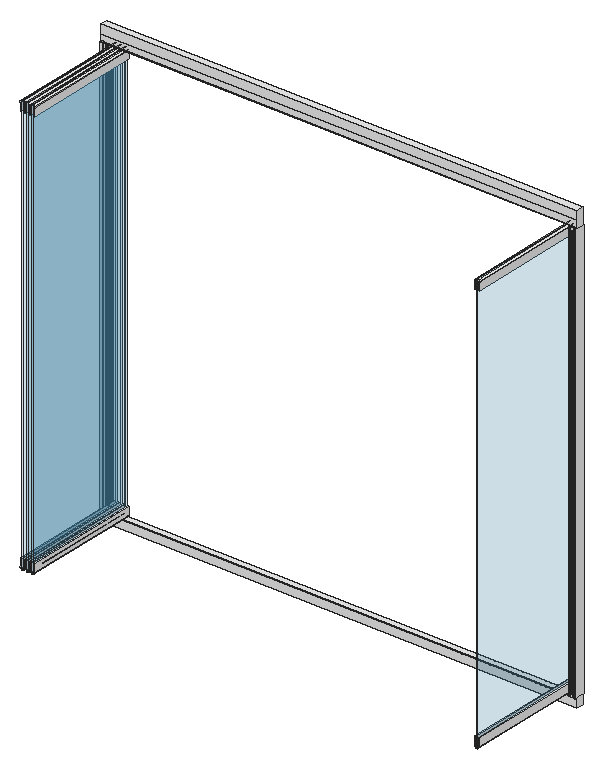
Revit family "98127", category Windows, host Wall, Revit 2018 (continued)
Definition of nested family "Sill_SL-25"
  Definition of nested family "Detail Item_Sill_SL-25"
    Lines and regions (in)
      model lines, in view "Ref. Level"
        curve 108: line (0.17794, 3.63999, 0) -> (0.17424, 3.62082, 0)
        curve 109: line (0.22645, 3.51815, 0) -> (0.22387, 3.51152, 0)
        curve 110: arc (0.46371, 0.85887, 0) -> (0.37817, 0.82344, 0) -> (0.34274, 0.7379, 0) r 0.12097
        curve 111: arc (0.53726, 0.85887, 0) -> (0.55425, 0.86817, 0) -> (0.55556, 0.8875, 0) r 0.02016
        curve 112: arc (0.54515, 0.97581, 0) -> (0.54332, 0.93082, 0) -> (0.55556, 0.8875, 0) r 0.14315
        curve 113: arc (0.48387, 1.03629, 0) -> (0.50187, 0.99324, 0) -> (0.54515, 0.97581, 0) r 0.06048
        curve 114: arc (0.50403, 1.08871, 0) -> (0.48978, 1.0828, 0) -> (0.48387, 1.06855, 0) r 0.02016
        curve 115: arc (0.54435, 1.06855, 0) -> (0.53845, 1.0828, 0) -> (0.52419, 1.08871, 0) r 0.02016
        curve 116: arc (0.60831, 0.97719, 0) -> (0.63228, 0.98099, 0) -> (0.63523, 1.00507, 0) r 0.02016
        curve 117: arc (0.60831, 0.97719, 0) -> (0.61216, 0.90941, 0) -> (0.66547, 0.86738, 0) r 0.08266
        curve 118: arc (0.70549, 0.86738, 0) -> (0.68548, 0.88508, 0) -> (0.66547, 0.86738, 0) r 0.02016
        curve 119: arc (0.70549, 0.86738, 0) -> (0.75881, 0.90941, 0) -> (0.76266, 0.97719, 0) r 0.08266
        curve 120: arc (0.73574, 1.00507, 0) -> (0.73869, 0.98099, 0) -> (0.76266, 0.97719, 0) r 0.02016
        curve 121: arc (0.82661, 2.05645, 0) -> (0.80299, 2.11348, 0) -> (0.74597, 2.1371, 0) r 0.08065
        curve 122: arc (0.64516, 2.05645, 0) -> (0.68793, 2.07417, 0) -> (0.70565, 2.11694, 0) r 0.06048
        curve 123: arc (0.52419, 1.99597, 0) -> (0.53845, 2.00187, 0) -> (0.54435, 2.01613, 0) r 0.02016
        curve 124: arc (0.48387, 2.01613, 0) -> (0.48978, 2.00187, 0) -> (0.50403, 1.99597, 0) r 0.02016
        curve 125: arc (0.3629, 2.11694, 0) -> (0.38062, 2.07417, 0) -> (0.42339, 2.05645, 0) r 0.06048
        curve 126: arc (0.40323, 2.21774, 0) -> (0.37471, 2.20593, 0) -> (0.3629, 2.17742, 0) r 0.04032
        curve 127: arc (0.90726, 2.05645, 0) -> (0.86002, 2.1705, 0) -> (0.74597, 2.21774, 0) r 0.16129
        curve 128: arc (0.84677, 0.70765, 0) -> (0.85466, 0.69165, 0) -> (0.87215, 0.68817, 0) r 0.02016
        curve 129: arc (0.76613, 0.67742, 0) -> (0.78039, 0.68332, 0) -> (0.78629, 0.69758, 0) r 0.02016
        curve 130: arc (0.72581, 0.69758, 0) -> (0.73171, 0.68332, 0) -> (0.74597, 0.67742, 0) r 0.02016
        curve 131: arc (0.74597, 0.38306, 0) -> (0.73171, 0.37716, 0) -> (0.72581, 0.3629, 0) r 0.02016
        curve 132: arc (0.78629, 0.3629, 0) -> (0.78039, 0.37716, 0) -> (0.76613, 0.38306, 0) r 0.02016
        curve 133: arc (0.87215, 0.37231, 0) -> (0.85466, 0.36883, 0) -> (0.84677, 0.35284, 0) r 0.02016
        curve 134: arc (-0.84677, 0.35284, 0) -> (-0.85466, 0.36883, 0) -> (-0.87215, 0.37231, 0) r 0.02016
        curve 135: arc (-0.76613, 0.38306, 0) -> (-0.78039, 0.37716, 0) -> (-0.78629, 0.3629, 0) r 0.02016
        curve 136: arc (-0.72581, 0.3629, 0) -> (-0.73171, 0.37716, 0) -> (-0.74597, 0.38306, 0) r 0.02016
        curve 137: arc (-0.74597, 0.67742, 0) -> (-0.73171, 0.68332, 0) -> (-0.72581, 0.69758, 0) r 0.02016
        curve 138: arc (-0.78629, 0.69758, 0) -> (-0.78039, 0.68332, 0) -> (-0.76613, 0.67742, 0) r 0.02016
        curve 139: arc (-0.87215, 0.68817, 0) -> (-0.85466, 0.69165, 0) -> (-0.84677, 0.70765, 0) r 0.02016
        curve 140: arc (-0.74597, 2.21774, 0) -> (-0.86002, 2.1705, 0) -> (-0.90726, 2.05645, 0) r 0.16129
        curve 141: arc (-0.3629, 2.17742, 0) -> (-0.37471, 2.20593, 0) -> (-0.40323, 2.21774, 0) r 0.04032
        curve 142: arc (-0.42339, 2.05645, 0) -> (-0.38062, 2.07417, 0) -> (-0.3629, 2.11694, 0) r 0.06048
        curve 143: arc (-0.50403, 1.99597, 0) -> (-0.48978, 2.00187, 0) -> (-0.48387, 2.01613, 0) r 0.02016
        curve 144: arc (-0.54435, 2.01613, 0) -> (-0.53845, 2.00187, 0) -> (-0.52419, 1.99597, 0) r 0.02016
        curve 145: arc (-0.70565, 2.11694, 0) -> (-0.68793, 2.07417, 0) -> (-0.64516, 2.05645, 0) r 0.06048
        curve 146: arc (-0.74597, 2.1371, 0) -> (-0.80299, 2.11348, 0) -> (-0.82661, 2.05645, 0) r 0.08065
        curve 147: arc (-0.76266, 0.97719, 0) -> (-0.73869, 0.98099, 0) -> (-0.73574, 1.00507, 0) r 0.02016
        curve 148: arc (-0.76266, 0.97719, 0) -> (-0.75881, 0.90941, 0) -> (-0.70549, 0.86738, 0) r 0.08266
        curve 149: arc (-0.66547, 0.86738, 0) -> (-0.68548, 0.88508, 0) -> (-0.70549, 0.86738, 0) r 0.02016
        curve 150: arc (-0.66547, 0.86738, 0) -> (-0.61216, 0.90941, 0) -> (-0.60831, 0.97719, 0) r 0.08266
        curve 151: arc (-0.63523, 1.00507, 0) -> (-0.63228, 0.98099, 0) -> (-0.60831, 0.97719, 0) r 0.02016
        curve 152: arc (-0.52419, 1.08871, 0) -> (-0.53845, 1.0828, 0) -> (-0.54435, 1.06855, 0) r 0.02016
        curve 153: arc (-0.48387, 1.06855, 0) -> (-0.48978, 1.0828, 0) -> (-0.50403, 1.08871, 0) r 0.02016
        curve 154: arc (-0.54515, 0.97581, 0) -> (-0.50187, 0.99324, 0) -> (-0.48387, 1.03629, 0) r 0.06048
        curve 155: arc (-0.55556, 0.8875, 0) -> (-0.54332, 0.93082, 0) -> (-0.54515, 0.97581, 0) r 0.14315
        curve 156: arc (-0.55556, 0.8875, 0) -> (-0.55425, 0.86817, 0) -> (-0.53726, 0.85887, 0) r 0.02016
        curve 157: arc (-0.34274, 0.7379, 0) -> (-0.37817, 0.82344, 0) -> (-0.46371, 0.85887, 0) r 0.12097
        curve 158: arc (-0.24194, 2.45968, 0) -> (-0.24169, 2.45652, 0) -> (-0.24095, 2.45345, 0) r 0.02016
        curve 159: arc (-0.228, 2.4405, 0) -> (-0.22493, 2.43976, 0) -> (-0.22177, 2.43952, 0) r 0.02016
        curve 160: arc (-0.228, 2.4405, 0) -> (-0.22493, 2.43976, 0) -> (-0.22177, 2.43952, 0) r 0.02016
        curve 161: arc (-0.24194, 2.45968, 0) -> (-0.24169, 2.45652, 0) -> (-0.24095, 2.45345, 0) r 0.02016
        curve 162: arc (0.22177, 2.43952, 0) -> (0.23603, 2.44542, 0) -> (0.24194, 2.45968, 0) r 0.02016
        curve 163: arc (0.228, 2.72079, 0) -> (0.22493, 2.72153, 0) -> (0.22177, 2.72177, 0) r 0.02016
        curve 164: arc (0.24194, 2.70161, 0) -> (0.24169, 2.70477, 0) -> (0.24095, 2.70784, 0) r 0.02016
        curve 165: arc (-0.22177, 2.72177, 0) -> (-0.22493, 2.72153, 0) -> (-0.228, 2.72079, 0) r 0.02016
        curve 166: arc (-0.24095, 2.70784, 0) -> (-0.24169, 2.70477, 0) -> (-0.24194, 2.70161, 0) r 0.02016
        curve 167: arc (-0.47016, 1.45337, 0) -> (-0.47467, 1.46442, 0) -> (-0.48465, 1.47098, 0) r 0.02016
        curve 168: arc (0.48465, 1.47098, 0) -> (0.47467, 1.46442, 0) -> (0.47016, 1.45337, 0) r 0.02016
        curve 169: arc (0.42507, 1.14919, 0) -> (0.43869, 1.15449, 0) -> (0.44516, 1.1676, 0) r 0.02016
        curve 170: arc (-0.44516, 1.1676, 0) -> (-0.43869, 1.15449, 0) -> (-0.42507, 1.14919, 0) r 0.02016
        curve 171: arc (0.76613, 1.65323, 0) -> (0.76022, 1.66748, 0) -> (0.74597, 1.67339, 0) r 0.02016
        curve 172: arc (-0.74597, 1.67339, 0) -> (-0.76022, 1.66748, 0) -> (-0.76613, 1.65323, 0) r 0.02016
        curve 173: arc (0.76613, 1.65323, 0) -> (0.76022, 1.66748, 0) -> (0.74597, 1.67339, 0) r 0.02016
        curve 174: arc (-0.76613, 1.49194, 0) -> (-0.76022, 1.47768, 0) -> (-0.74597, 1.47177, 0) r 0.02016
        curve 175: arc (0.74597, 1.47177, 0) -> (0.76022, 1.47768, 0) -> (0.76613, 1.49194, 0) r 0.02016
        curve 176: arc (-0.76613, 1.49194, 0) -> (-0.76022, 1.47768, 0) -> (-0.74597, 1.47177, 0) r 0.02016
        curve 177: arc (0.74597, 1.47177, 0) -> (0.76022, 1.47768, 0) -> (0.76613, 1.49194, 0) r 0.02016
        curve 178: arc (-0.52419, 1.67339, 0) -> (-0.43403, 1.69467, 0) -> (-0.3629, 1.75403, 0) r 0.20161
        curve 179: arc (0.3629, 1.75403, 0) -> (0.43403, 1.69467, 0) -> (0.52419, 1.67339, 0) r 0.20161
        curve 180: arc (-0.52419, 1.67339, 0) -> (-0.43403, 1.69467, 0) -> (-0.3629, 1.75403, 0) r 0.20161
        curve 181: arc (0.3629, 1.75403, 0) -> (0.43403, 1.69467, 0) -> (0.52419, 1.67339, 0) r 0.20161
        curve 182: arc (0.24023, 1.45973, 0) -> (0.23858, 1.46275, 0) -> (0.23644, 1.46545, 0) r 0.02016
        curve 183: arc (0.24194, 1.4516, 0) -> (0.24162, 1.45514, 0) -> (0.2407, 1.45857, 0) r 0.02016
        curve 184: arc (-0.2407, 1.45856, 0) -> (-0.24162, 1.45514, 0) -> (-0.24194, 1.45161, 0) r 0.02016
        curve 185: arc (-0.23643, 1.46545, 0) -> (-0.23858, 1.46276, 0) -> (-0.24023, 1.45974, 0) r 0.02016
        curve 186: arc (-0.22177, 1.47177, 0) -> (-0.22571, 1.47139, 0) -> (-0.22949, 1.47024, 0) r 0.02016
        curve 187: arc (-0.2621, 1.14919, 0) -> (-0.24784, 1.1551, 0) -> (-0.24194, 1.16935, 0) r 0.02016
        curve 188: arc (0.24194, 1.4516, 0) -> (0.24162, 1.45515, 0) -> (0.24069, 1.45859, 0) r 0.02016
        curve 189: arc (0.24194, 1.16935, 0) -> (0.24784, 1.1551, 0) -> (0.2621, 1.14919, 0) r 0.02016
        curve 190: arc (0.22949, 1.47024, 0) -> (0.22571, 1.47139, 0) -> (0.22177, 1.47177, 0) r 0.02016
        curve 191: arc (0.24194, 1.4516, 0) -> (0.23854, 1.46281, 0) -> (0.22949, 1.47024, 0) r 0.02016
        curve 192: arc (0.24194, 2.70161, 0) -> (0.24169, 2.70477, 0) -> (0.24095, 2.70784, 0) r 0.02016
        curve 193: arc (-0.24095, 2.70784, 0) -> (-0.24169, 2.70477, 0) -> (-0.24194, 2.70161, 0) r 0.02016
        curve 194: arc (0.24194, 2.4326, 0) -> (0.24807, 2.40174, 0) -> (0.26556, 2.37557, 0) r 0.08065
        curve 195: arc (-0.26556, 2.37557, 0) -> (-0.24807, 2.40173, 0) -> (-0.24194, 2.4326, 0) r 0.08065
        curve 196: arc (-0.26556, 2.37557, 0) -> (-0.26118, 2.38032, 0) -> (-0.25719, 2.3854, 0) r 0.08065
        curve 197: arc (0.32253, 2.30628, 0) -> (0.32067, 2.29222, 0) -> (0.32006, 2.27804, 0) r 0.16043
        curve 198: arc (-0.32006, 2.27823, 0) -> (-0.32068, 2.29231, 0) -> (-0.32253, 2.30628, 0) r 0.16003
        curve 199: line (-0.3629, 1.75403, 0) -> (-0.32006, 1.875, 0)
        curve 200: line (0.32006, 1.875, 0) -> (0.3629, 1.75403, 0)
        curve 201: line (0.31686, 2.32427, 0) -> (0.32253, 2.30628, 0)
        curve 202: line (-0.32253, 2.30628, 0) -> (-0.31686, 2.32427, 0)
        curve 203: arc (0.24194, 2.72177, 0) -> (0.27045, 2.73358, 0) -> (0.28226, 2.7621, 0) r 0.04032
        curve 204: arc (-0.32258, 2.72177, 0) -> (-0.33684, 2.71587, 0) -> (-0.34274, 2.70161, 0) r 0.02016
        curve 205: arc (-0.34694, 2.64338, 0) -> (-0.34381, 2.65209, 0) -> (-0.34274, 2.66129, 0) r 0.04032
        curve 206: arc (-0.36515, 2.62516, 0) -> (-0.35455, 2.63278, 0) -> (-0.34694, 2.64338, 0) r 0.04032
        curve 207: arc (-0.38306, 2.62097, 0) -> (-0.37387, 2.62203, 0) -> (-0.36515, 2.62516, 0) r 0.04032
        curve 208: arc (-0.44355, 2.64113, 0) -> (-0.43764, 2.62687, 0) -> (-0.42339, 2.62097, 0) r 0.02016
        curve 209: arc (-0.42339, 3.46774, 0) -> (-0.43764, 3.46184, 0) -> (-0.44355, 3.44758, 0) r 0.02016
        curve 210: arc (-0.34274, 3.42742, 0) -> (-0.35455, 3.45593, 0) -> (-0.38306, 3.46774, 0) r 0.04032
        curve 211: arc (-0.34274, 3.3871, 0) -> (-0.33684, 3.37284, 0) -> (-0.32258, 3.36694, 0) r 0.02016
        curve 212: arc (0.28226, 3.32661, 0) -> (0.27045, 3.35513, 0) -> (0.24194, 3.36694, 0) r 0.04032
        curve 213: line (0.13904, 1.29839, 0) -> (0.15947, 1.27823, 0)
        curve 214: line (-0.15947, 1.27823, 0) -> (-0.13904, 1.29839, 0)
        curve 215: arc (-0.18698, 3.46774, 0) -> (-0.17013, 3.47682, 0) -> (-0.16847, 3.49589, 0) r 0.02016
        curve 216: arc (-0.50403, 4.25403, 0) -> (-0.49813, 4.23978, 0) -> (-0.48387, 4.23387, 0) r 0.02016
        curve 217: arc (-0.3629, 2.62097, 0) -> (-0.34865, 2.62687, 0) -> (-0.34274, 2.64113, 0) r 0.02016
        curve 218: arc (-0.52419, 4.53629, 0) -> (-0.51829, 4.52203, 0) -> (-0.50403, 4.51613, 0) r 0.02016
        curve 219: arc (-0.46273, 4.15323, 0) -> (-0.47732, 4.14698, 0) -> (-0.48287, 4.13211, 0) r 0.02016
        curve 220: arc (-0.48387, 4.43548, 0) -> (-0.49813, 4.42958, 0) -> (-0.50403, 4.41532, 0) r 0.02016
        curve 221: arc (-0.46371, 2.84274, 0) -> (-0.47797, 2.83684, 0) -> (-0.48387, 2.82258, 0) r 0.02016
        curve 222: arc (-0.48387, 2.90323, 0) -> (-0.47797, 2.88897, 0) -> (-0.46371, 2.88306, 0) r 0.02016
        curve 223: arc (-0.46371, 3.20565, 0) -> (-0.47797, 3.19974, 0) -> (-0.48387, 3.18548, 0) r 0.02016
        curve 224: arc (-0.46371, 3.26613, 0) -> (-0.4578, 3.25187, 0) -> (-0.44355, 3.24597, 0) r 0.02016
        curve 225: arc (-0.48387, 2.66129, 0) -> (-0.47206, 2.63278, 0) -> (-0.44355, 2.62097, 0) r 0.04032
        curve 226: arc (-0.18272, 3.55202, 0) -> (-0.19568, 3.57816, 0) -> (-0.22288, 3.58871, 0) r 0.04032
        curve 227: arc (-0.46737, 3.80665, 0) -> (-0.44247, 3.75212, 0) -> (-0.38681, 3.72984, 0) r 0.08065
        curve 228: arc (-0.38306, 3.58871, 0) -> (-0.44009, 3.56509, 0) -> (-0.46371, 3.50806, 0) r 0.08065
        curve 229: arc (-0.24194, 5.02997, 0) -> (-0.24807, 5.06084, 0) -> (-0.26556, 5.087, 0) r 0.08065
        curve 230: arc (-0.39242, 5.14113, 0) -> (-0.34627, 5.10436, 0) -> (-0.28743, 5.10887, 0) r 0.08065
        curve 231: arc (-0.44355, 5.22177, 0) -> (-0.48387, 5.18145, 0) -> (-0.44355, 5.14113, 0) r 0.04032
        curve 232: arc (-0.28743, 5.25403, 0) -> (-0.34627, 5.25854, 0) -> (-0.39242, 5.22177, 0) r 0.08065
        curve 233: arc (-0.2621, 5.30242, 0) -> (-0.268, 5.31668, 0) -> (-0.28226, 5.32258, 0) r 0.02016
        curve 234: arc (-0.44355, 5.32258, 0) -> (-0.5576, 5.27534, 0) -> (-0.60484, 5.16129, 0) r 0.16129
        curve 235: arc (-0.28226, 2.41935, 0) -> (-0.268, 2.42526, 0) -> (-0.2621, 2.43952, 0) r 0.02016
        curve 236: arc (-0.2621, 2.70161, 0) -> (-0.268, 2.71587, 0) -> (-0.28226, 2.72177, 0) r 0.02016
        curve 237: arc (-0.30242, 2.72177, 0) -> (-0.33093, 2.70996, 0) -> (-0.34274, 2.68145, 0) r 0.04032
        curve 238: arc (-0.40323, 2.84274, 0) -> (-0.38306, 2.8629, 0) -> (-0.40323, 2.88306, 0) r 0.02016
        curve 239: arc (-0.40323, 3.20565, 0) -> (-0.38306, 3.22581, 0) -> (-0.40323, 3.24597, 0) r 0.02016
        curve 240: arc (-0.18272, 3.55202, 0) -> (-0.17782, 3.52339, 0) -> (-0.16847, 3.49589, 0) r 0.18347
        curve 241: arc (-0.32258, 3.46774, 0) -> (-0.33684, 3.46184, 0) -> (-0.34274, 3.44758, 0) r 0.02016
        curve 242: arc (-0.34274, 3.40726, 0) -> (-0.33684, 3.393, 0) -> (-0.32258, 3.3871, 0) r 0.02016
        curve 243: arc (-0.28226, 3.3871, 0) -> (-0.268, 3.393, 0) -> (-0.2621, 3.40726, 0) r 0.02016
        curve 244: arc (0.30242, 3.28629, 0) -> (0.28816, 3.28039, 0) -> (0.28226, 3.26613, 0) r 0.02016
        curve 245: arc (0.28226, 3.24597, 0) -> (0.28816, 3.23171, 0) -> (0.30242, 3.22581, 0) r 0.02016
        curve 246: arc (0.3629, 3.22581, 0) -> (0.37716, 3.23171, 0) -> (0.38306, 3.24597, 0) r 0.02016
        curve 247: arc (0.05141, 3.51442, 0) -> (0.02797, 3.51206, 0) -> (0.02277, 3.48909, 0) r 0.02016
        curve 248: arc (-0.0802, 3.54854, 0) -> (-0.04133, 3.49696, 0) -> (0.02277, 3.48909, 0) r 0.08266
        curve 249: arc (-0.0802, 3.54854, 0) -> (-0.0625, 3.56855, 0) -> (-0.0802, 3.58856, 0) r 0.02016
        curve 250: arc (0.02277, 3.64801, 0) -> (-0.04133, 3.64014, 0) -> (-0.0802, 3.58856, 0) r 0.08266
        curve 251: arc (0.02277, 3.64801, 0) -> (0.02797, 3.62503, 0) -> (0.05141, 3.62267, 0) r 0.02016
        curve 252: arc (0.38306, 3.87097, 0) -> (0.37716, 3.88522, 0) -> (0.3629, 3.89113, 0) r 0.02016
        curve 253: arc (0.34274, 3.89113, 0) -> (0.32849, 3.88522, 0) -> (0.32258, 3.87097, 0) r 0.02016
        curve 254: arc (-0.30242, 3.99194, 0) -> (-0.29651, 3.97768, 0) -> (-0.28226, 3.97177, 0) r 0.02016
        curve 255: arc (-0.2621, 3.97177, 0) -> (-0.24784, 3.97768, 0) -> (-0.24194, 3.99194, 0) r 0.02016
        curve 256: arc (-0.2621, 4.87903, 0) -> (-0.24784, 4.88494, 0) -> (-0.24194, 4.89919, 0) r 0.02016
        curve 257: arc (-0.30242, 4.98992, 0) -> (-0.33266, 5.02016, 0) -> (-0.3629, 4.98992, 0) r 0.03024
        curve 258: arc (-0.44355, 5.02016, 0) -> (-0.48387, 5.06048, 0) -> (-0.52419, 5.02016, 0) r 0.04032
        curve 259: arc (-0.24194, 4.57661, 0) -> (-0.24784, 4.59087, 0) -> (-0.2621, 4.59677, 0) r 0.02016
        curve 260: arc (-0.2621, 4.43548, 0) -> (-0.24784, 4.44139, 0) -> (-0.24194, 4.45565, 0) r 0.02016
        curve 261: arc (-0.24194, 4.21371, 0) -> (-0.24784, 4.22797, 0) -> (-0.2621, 4.23387, 0) r 0.02016
        curve 262: line (-0.46371, 3.50806, 0) -> (-0.46371, 3.26613, 0)
        curve 263: line (-0.46371, 3.26613, 0) -> (-0.46371, 3.50806, 0)
        curve 264: line (-0.52419, 5.02016, 0) -> (-0.52419, 4.53629, 0)
        curve 265: line (-0.52419, 4.53629, 0) -> (-0.52419, 5.02016, 0)
        curve 266: line (-0.24194, 4.89919, 0) -> (-0.24194, 5.02997, 0)
        curve 267: line (-0.24194, 5.02997, 0) -> (-0.24194, 4.89919, 0)
        curve 268: line (-0.24194, 4.89919, 0) -> (-0.24194, 4.57661, 0)
        curve 269: line (-0.24194, 4.57661, 0) -> (-0.24194, 4.45565, 0)
        curve 270: line (-0.26556, 5.087, 0) -> (-0.28743, 5.10887, 0)
        curve 271: line (-0.28743, 5.10887, 0) -> (-0.26556, 5.087, 0)
        curve 272: line (-0.39242, 5.14113, 0) -> (-0.44355, 5.14113, 0)
        curve 273: line (-0.44355, 5.14113, 0) -> (-0.39242, 5.14113, 0)
        curve 274: line (-0.44355, 5.22177, 0) -> (-0.39242, 5.22177, 0)
        curve 275: line (-0.39242, 5.22177, 0) -> (-0.44355, 5.22177, 0)
        curve 276: line (-0.44355, 5.32258, 0) -> (-0.28226, 5.32258, 0)
        curve 277: line (-0.28226, 5.32258, 0) -> (-0.44355, 5.32258, 0)
        curve 278: line (-0.28226, 2.41935, 0) -> (-0.37097, 2.41935, 0)
        curve 279: line (-0.37097, 2.41935, 0) -> (-0.37097, 2.45968, 0)
        curve 280: line (-0.37097, 2.45968, 0) -> (-0.32258, 2.45968, 0)
        curve 281: line (-0.32258, 2.45968, 0) -> (-0.32258, 2.52016, 0)
        curve 282: line (-0.32258, 2.52016, 0) -> (-0.54435, 2.52016, 0)
        curve 283: line (-0.54435, 2.52016, 0) -> (-0.54435, 2.45968, 0)
        curve 284: line (-0.54435, 2.45968, 0) -> (-0.49597, 2.45968, 0)
        curve 285: line (-0.49597, 2.45968, 0) -> (-0.49597, 2.41935, 0)
        curve 286: line (-0.49597, 2.41935, 0) -> (-0.60484, 2.41935, 0)
        curve 287: line (-0.60484, 2.41935, 0) -> (-0.60484, 5.16129, 0)
        curve 288: line (-0.60484, 5.16129, 0) -> (-0.60484, 2.41935, 0)
        curve 289: line (-0.60484, 2.41935, 0) -> (-0.49597, 2.41935, 0)
        curve 290: line (-0.49597, 2.41935, 0) -> (-0.49597, 2.45968, 0)
        curve 291: line (-0.49597, 2.45968, 0) -> (-0.54435, 2.45968, 0)
        curve 292: line (-0.54435, 2.45968, 0) -> (-0.54435, 2.52016, 0)
        curve 293: line (-0.54435, 2.52016, 0) -> (-0.32258, 2.52016, 0)
        curve 294: line (-0.32258, 2.52016, 0) -> (-0.32258, 2.45968, 0)
        curve 295: line (-0.32258, 2.45968, 0) -> (-0.37097, 2.45968, 0)
        curve 296: line (-0.37097, 2.45968, 0) -> (-0.37097, 2.41935, 0)
        curve 297: line (-0.37097, 2.41935, 0) -> (-0.28226, 2.41935, 0)
        curve 298: line (-0.2621, 2.43952, 0) -> (-0.2621, 2.70161, 0)
        curve 299: line (-0.2621, 2.70161, 0) -> (-0.2621, 2.43952, 0)
        curve 300: line (-0.32258, 2.72177, 0) -> (-0.30242, 2.72177, 0)
        curve 301: line (-0.30242, 2.72177, 0) -> (-0.28226, 2.72177, 0)
        curve 302: line (-0.28226, 2.72177, 0) -> (-0.30242, 2.72177, 0)
        curve 303: line (-0.34274, 2.68145, 0) -> (-0.34274, 2.64113, 0)
        curve 304: line (-0.34274, 2.64113, 0) -> (-0.34274, 2.68145, 0)
        curve 305: line (-0.34274, 2.68145, 0) -> (-0.34274, 2.70161, 0)
        curve 306: line (-0.3629, 2.62097, 0) -> (-0.44355, 2.62097, 0)
        curve 307: line (-0.44355, 2.62097, 0) -> (-0.3629, 2.62097, 0)
        curve 308: line (-0.48387, 2.66129, 0) -> (-0.48387, 2.82258, 0)
        curve 309: line (-0.48387, 2.82258, 0) -> (-0.48387, 2.66129, 0)
        curve 310: line (-0.46371, 2.84274, 0) -> (-0.40323, 2.84274, 0)
        curve 311: line (-0.40323, 2.84274, 0) -> (-0.46371, 2.84274, 0)
        curve 312: line (-0.40323, 2.88306, 0) -> (-0.46371, 2.88306, 0)
        curve 313: line (-0.46371, 2.88306, 0) -> (-0.40323, 2.88306, 0)
        curve 314: line (-0.48387, 2.90323, 0) -> (-0.48387, 3.18548, 0)
        curve 315: line (-0.48387, 3.18548, 0) -> (-0.48387, 2.90323, 0)
        curve 316: line (-0.46371, 3.20565, 0) -> (-0.40323, 3.20565, 0)
        curve 317: line (-0.40323, 3.20565, 0) -> (-0.46371, 3.20565, 0)
        curve 318: line (-0.40323, 3.24597, 0) -> (-0.44355, 3.24597, 0)
        curve 319: line (-0.44355, 3.24597, 0) -> (-0.40323, 3.24597, 0)
        curve 320: line (-0.38306, 3.58871, 0) -> (-0.22288, 3.58871, 0)
        curve 321: line (-0.22288, 3.58871, 0) -> (-0.38306, 3.58871, 0)
        curve 322: line (-0.18698, 3.46774, 0) -> (-0.32258, 3.46774, 0)
        curve 323: line (-0.32258, 3.46774, 0) -> (-0.18698, 3.46774, 0)
        curve 324: line (-0.34274, 3.3871, 0) -> (-0.34274, 3.40726, 0)
        curve 325: line (-0.34274, 3.40726, 0) -> (-0.34274, 3.44758, 0)
        curve 326: line (-0.34274, 3.44758, 0) -> (-0.34274, 3.40726, 0)
        curve 327: line (-0.28226, 3.3871, 0) -> (-0.32258, 3.3871, 0)
        curve 328: line (-0.32258, 3.3871, 0) -> (-0.28226, 3.3871, 0)
        curve 329: line (0.30242, 3.35405, 0) -> (0.30242, 3.28629, 0)
        curve 330: line (0.30242, 3.28629, 0) -> (0.30242, 3.35405, 0)
        curve 331: line (0.30242, 3.35405, 0) -> (0.23901, 3.40726, 0)
        curve 332: line (0.23901, 3.40726, 0) -> (-0.2621, 3.40726, 0)
        curve 333: line (-0.2621, 3.40726, 0) -> (0.23901, 3.40726, 0)
        curve 334: line (0.23901, 3.40726, 0) -> (0.30242, 3.35405, 0)
        curve 335: line (0.28226, 2.7621, 0) -> (0.28226, 3.0234, 0)
        curve 336: line (0.28226, 3.0234, 0) -> (0.27016, 3.04435, 0)
        curve 337: line (0.27016, 3.04435, 0) -> (0.28226, 3.06531, 0)
        curve 338: line (0.28226, 3.06531, 0) -> (0.28226, 3.24597, 0)
        curve 339: line (0.28226, 3.24597, 0) -> (0.28226, 3.26613, 0)
        curve 340: line (0.28226, 3.26613, 0) -> (0.28226, 3.32661, 0)
        curve 341: line (0.30242, 3.22581, 0) -> (0.3629, 3.22581, 0)
        curve 342: line (0.3629, 3.22581, 0) -> (0.30242, 3.22581, 0)
        curve 343: line (0.05893, 3.51008, 0) -> (0.0811, 3.51008, 0)
        curve 344: line (0.0811, 3.51008, 0) -> (0.09274, 3.48992, 0)
        curve 345: line (0.09274, 3.48992, 0) -> (0.10438, 3.51008, 0)
        curve 346: line (0.10438, 3.51008, 0) -> (0.13513, 3.51008, 0)
        curve 347: line (0.13513, 3.51008, 0) -> (0.14677, 3.48992, 0)
        curve 348: line (0.14677, 3.48992, 0) -> (0.15841, 3.51008, 0)
        curve 349: line (0.15841, 3.51008, 0) -> (0.18917, 3.51008, 0)
        curve 350: line (0.18917, 3.51008, 0) -> (0.20081, 3.48992, 0)
        curve 351: line (0.20081, 3.48992, 0) -> (0.21245, 3.51008, 0)
        curve 352: line (0.21245, 3.51008, 0) -> (0.24194, 3.51008, 0)
        curve 353: line (0.24439, 3.50802, 0) -> (0.25484, 3.48992, 0)
        curve 354: line (0.25484, 3.48992, 0) -> (0.25847, 3.49621, 0)
        curve 355: line (0.25847, 3.49621, 0) -> (0.38306, 3.39166, 0)
        curve 356: line (0.38306, 3.39166, 0) -> (0.38306, 3.24597, 0)
        curve 357: line (0.38306, 3.24597, 0) -> (0.38306, 3.39166, 0)
        curve 358: line (0.38306, 3.39166, 0) -> (0.25847, 3.49621, 0)
        curve 359: line (0.25847, 3.49621, 0) -> (0.25484, 3.48992, 0)
        curve 360: line (0.25484, 3.48992, 0) -> (0.24439, 3.50802, 0)
        curve 361: line (0.24194, 3.51008, 0) -> (0.21245, 3.51008, 0)
        curve 362: line (0.21245, 3.51008, 0) -> (0.20081, 3.48992, 0)
        curve 363: line (0.20081, 3.48992, 0) -> (0.18917, 3.51008, 0)
        curve 364: line (0.18917, 3.51008, 0) -> (0.15841, 3.51008, 0)
        curve 365: line (0.15841, 3.51008, 0) -> (0.14677, 3.48992, 0)
        curve 366: line (0.14677, 3.48992, 0) -> (0.13513, 3.51008, 0)
        curve 367: line (0.13513, 3.51008, 0) -> (0.10438, 3.51008, 0)
        curve 368: line (0.10438, 3.51008, 0) -> (0.09274, 3.48992, 0)
        curve 369: line (0.09274, 3.48992, 0) -> (0.0811, 3.51008, 0)
        curve 370: line (0.0811, 3.51008, 0) -> (0.05893, 3.51008, 0)
        curve 371: line (0.05893, 3.51008, 0) -> (0.05141, 3.51442, 0)
        curve 372: line (0.05141, 3.51442, 0) -> (0.05893, 3.51008, 0)
        curve 373: line (0.38306, 3.87097, 0) -> (0.38306, 3.74544, 0)
        curve 374: line (0.38306, 3.74544, 0) -> (0.24194, 3.62702, 0)
        curve 375: line (0.23946, 3.62702, 0) -> (0.22782, 3.64718, 0)
        curve 376: line (0.22782, 3.64718, 0) -> (0.21618, 3.62702, 0)
        curve 377: line (0.21618, 3.62702, 0) -> (0.18543, 3.62702, 0)
        curve 378: line (0.18543, 3.62702, 0) -> (0.17379, 3.64718, 0)
        curve 379: line (0.17379, 3.64718, 0) -> (0.16215, 3.62702, 0)
        curve 380: line (0.16215, 3.62702, 0) -> (0.1314, 3.62702, 0)
        curve 381: line (0.1314, 3.62702, 0) -> (0.11976, 3.64718, 0)
        curve 382: line (0.11976, 3.64718, 0) -> (0.10812, 3.62702, 0)
        curve 383: line (0.10812, 3.62702, 0) -> (0.07737, 3.62702, 0)
        curve 384: line (0.07737, 3.62702, 0) -> (0.06573, 3.64718, 0)
        curve 385: line (0.06573, 3.64718, 0) -> (0.05141, 3.62267, 0)
        curve 386: line (0.05141, 3.62267, 0) -> (0.06573, 3.64718, 0)
        curve 387: line (0.06573, 3.64718, 0) -> (0.07737, 3.62702, 0)
        curve 388: line (0.07737, 3.62702, 0) -> (0.10812, 3.62702, 0)
        curve 389: line (0.10812, 3.62702, 0) -> (0.11976, 3.64718, 0)
        curve 390: line (0.11976, 3.64718, 0) -> (0.1314, 3.62702, 0)
        curve 391: line (0.1314, 3.62702, 0) -> (0.16215, 3.62702, 0)
        curve 392: line (0.16215, 3.62702, 0) -> (0.17379, 3.64718, 0)
        curve 393: line (0.17379, 3.64718, 0) -> (0.18543, 3.62702, 0)
        curve 394: line (0.18543, 3.62702, 0) -> (0.21618, 3.62702, 0)
        curve 395: line (0.21618, 3.62702, 0) -> (0.22782, 3.64718, 0)
        curve 396: line (0.22782, 3.64718, 0) -> (0.23946, 3.62702, 0)
        curve 397: line (0.24194, 3.62702, 0) -> (0.38306, 3.74544, 0)
        curve 398: line (0.38306, 3.74544, 0) -> (0.38306, 3.87097, 0)
        curve 399: line (0.34274, 3.89113, 0) -> (0.3629, 3.89113, 0)
        curve 400: line (0.3629, 3.89113, 0) -> (0.34274, 3.89113, 0)
        curve 401: line (0.27038, 3.72984, 0) -> (-0.38681, 3.72984, 0)
        curve 402: line (-0.38681, 3.72984, 0) -> (0.27038, 3.72984, 0)
        curve 403: line (0.27038, 3.72984, 0) -> (0.32258, 3.77364, 0)
        curve 404: line (0.32258, 3.77364, 0) -> (0.32258, 3.87097, 0)
        curve 405: line (0.32258, 3.87097, 0) -> (0.32258, 3.77364, 0)
        curve 406: line (0.32258, 3.77364, 0) -> (0.27038, 3.72984, 0)
        curve 407: line (-0.46737, 3.80665, 0) -> (-0.48287, 4.13211, 0)
        curve 408: line (-0.48287, 4.13211, 0) -> (-0.46737, 3.80665, 0)
        curve 409: line (-0.30242, 4.15323, 0) -> (-0.30242, 3.99194, 0)
        curve 410: line (-0.30242, 3.99194, 0) -> (-0.30242, 4.15323, 0)
        curve 411: line (-0.30242, 4.15323, 0) -> (-0.46273, 4.15323, 0)
        curve 412: line (-0.46273, 4.15323, 0) -> (-0.30242, 4.15323, 0)
        curve 413: line (-0.28226, 3.97177, 0) -> (-0.2621, 3.97177, 0)
        curve 414: line (-0.2621, 3.97177, 0) -> (-0.28226, 3.97177, 0)
        curve 415: line (-0.44355, 5.02016, 0) -> (-0.44355, 4.93952, 0)
        curve 416: line (-0.44355, 4.93952, 0) -> (-0.3629, 4.93952, 0)
        curve 417: line (-0.3629, 4.93952, 0) -> (-0.3629, 4.98992, 0)
        curve 418: line (-0.3629, 4.98992, 0) -> (-0.3629, 4.93952, 0)
        curve 419: line (-0.3629, 4.93952, 0) -> (-0.44355, 4.93952, 0)
        curve 420: line (-0.44355, 4.93952, 0) -> (-0.44355, 5.02016, 0)
        curve 421: line (-0.2621, 4.59677, 0) -> (-0.30242, 4.59677, 0)
        curve 422: line (-0.30242, 4.59677, 0) -> (-0.30242, 4.51613, 0)
        curve 423: line (-0.30242, 4.51613, 0) -> (-0.50403, 4.51613, 0)
        curve 424: line (-0.50403, 4.51613, 0) -> (-0.30242, 4.51613, 0)
        curve 425: line (-0.30242, 4.51613, 0) -> (-0.30242, 4.59677, 0)
        curve 426: line (-0.30242, 4.59677, 0) -> (-0.2621, 4.59677, 0)
        curve 427: line (-0.24194, 4.57661, 0) -> (-0.24194, 4.45565, 0)
        curve 428: line (-0.24194, 4.45565, 0) -> (-0.24194, 4.21371, 0)
        curve 429: line (-0.24194, 4.21371, 0) -> (-0.24194, 3.99194, 0)
        curve 430: line (-0.48387, 4.43548, 0) -> (-0.2621, 4.43548, 0)
        curve 431: line (-0.2621, 4.43548, 0) -> (-0.48387, 4.43548, 0)
        curve 432: line (-0.50403, 4.25403, 0) -> (-0.50403, 4.41532, 0)
        curve 433: line (-0.50403, 4.41532, 0) -> (-0.50403, 4.25403, 0)
        curve 434: line (-0.2621, 4.23387, 0) -> (-0.48387, 4.23387, 0)
        curve 435: line (-0.48387, 4.23387, 0) -> (-0.2621, 4.23387, 0)
        curve 436: line (0.46263, 5.16532, 0) -> (0.5052, 5.23906, 0)
        curve 437: line (0.56452, 5.16129, 0) -> (0.56452, 2.6129, 0)
        curve 438: line (0.52419, 2.57258, 0) -> (0.45438, 2.57258, 0)
        curve 439: line (0.45438, 2.57258, 0) -> (0.4326, 2.59086, 0)
        curve 440: line (0.42533, 2.59247, 0) -> (0.33231, 2.56754, 0)
        curve 441: line (0.30242, 2.45968, 0) -> (0.30242, 2.52859, 0)
        curve 442: line (0.34274, 2.41935, 0) -> (0.41129, 2.41935, 0)
        curve 443: line (0.41129, 2.41935, 0) -> (0.41129, 2.45968, 0)
        curve 444: line (0.41129, 2.45968, 0) -> (0.3629, 2.45968, 0)
        curve 445: line (0.3629, 2.45968, 0) -> (0.3629, 2.52016, 0)
        curve 446: line (0.3629, 2.52016, 0) -> (0.58468, 2.52016, 0)
        curve 447: line (0.58468, 2.52016, 0) -> (0.58468, 2.45968, 0)
        curve 448: line (0.58468, 2.45968, 0) -> (0.53629, 2.45968, 0)
        curve 449: line (0.53629, 2.45968, 0) -> (0.53629, 2.41935, 0)
        curve 450: line (0.53629, 2.41935, 0) -> (0.64516, 2.41935, 0)
        curve 451: line (0.64516, 2.41935, 0) -> (0.64516, 5.16129, 0)
        curve 452: line (0.33468, 5.24194, 0) -> (0.33468, 5.2621, 0)
        curve 453: line (0.33468, 5.2621, 0) -> (0.41331, 5.2621, 0)
        curve 454: line (0.41331, 5.2621, 0) -> (0.44807, 5.1666, 0)
        curve 455: line (0.63105, 2.17742, 0) -> (0.63105, 2.1371, 0)
        curve 456: line (0.63105, 2.1371, 0) -> (0.4375, 2.1371, 0)
        curve 457: line (0.4375, 2.1371, 0) -> (0.4375, 2.17742, 0)
        curve 458: line (0.4375, 2.17742, 0) -> (0.63105, 2.17742, 0)
        curve 459: line (0.57522, 2.17742, 0) -> (0.61788, 2.41935, 0)
        curve 460: line (0.55475, 2.17742, 0) -> (0.59741, 2.41935, 0)
        curve 461: line (0.53427, 2.41935, 0) -> (0.53427, 2.17742, 0)
        curve 462: line (0.53427, 2.17742, 0) -> (0.57693, 2.41935, 0)
        curve 463: line (0.53427, 2.17742, 0) -> (0.49161, 2.41935, 0)
        curve 464: line (0.5138, 2.17742, 0) -> (0.47114, 2.41935, 0)
        curve 465: line (0.49333, 2.17742, 0) -> (0.45067, 2.41935, 0)
        curve 466: line (-0.4375, 2.17742, 0) -> (-0.4375, 2.1371, 0)
        curve 467: line (-0.4375, 2.1371, 0) -> (-0.63105, 2.1371, 0)
        curve 468: line (-0.63105, 2.1371, 0) -> (-0.63105, 2.17742, 0)
        curve 469: line (-0.63105, 2.17742, 0) -> (-0.4375, 2.17742, 0)
        curve 470: line (-0.49333, 2.17742, 0) -> (-0.45067, 2.41935, 0)
        curve 471: line (-0.5138, 2.17742, 0) -> (-0.47114, 2.41935, 0)
        curve 472: line (-0.53427, 2.41935, 0) -> (-0.53427, 2.17742, 0)
        curve 473: line (-0.53427, 2.17742, 0) -> (-0.49161, 2.41935, 0)
        curve 474: line (-0.53427, 2.17742, 0) -> (-0.57693, 2.41935, 0)
        curve 475: line (-0.55475, 2.17742, 0) -> (-0.59741, 2.41935, 0)
        curve 476: line (-0.57522, 2.17742, 0) -> (-0.61788, 2.41935, 0)
        curve 477: line (-0.22768, 5.32849, 0) -> (-0.21342, 5.31423, 0)
        curve 478: line (-0.2621, 5.27936, 0) -> (-0.2621, 5.30242, 0)
        curve 479: line (-0.2621, 5.30242, 0) -> (-0.2621, 5.31423, 0)
        curve 480: line (-0.27907, 5.24935, 0) -> (-0.2621, 5.27585, 0)
        curve 481: line (-0.2621, 5.27936, 0) -> (-0.28743, 5.25403, 0)
        curve 482: line (-0.28743, 5.25403, 0) -> (-0.2621, 5.27936, 0)
        curve 483: line (-0.2621, 5.27936, 0) -> (-0.2621, 5.30242, 0)
        curve 484: line (-0.2621, 5.30242, 0) -> (-0.2621, 5.27936, 0)
        curve 485: line (-0.2621, 5.27936, 0) -> (-0.2621, 5.30242, 0)
        curve 486: line (-0.24644, 5.06262, 0) -> (-0.27907, 5.11355, 0)
        curve 487: line (-0.21119, 5.06127, 0) -> (-0.21859, 5.05653, 0)
        curve 488: line (-0.20294, 5.08462, 0) -> (-0.21339, 5.11598, 0)
        curve 489: line (-0.20161, 5.14113, 0) -> (-0.21339, 5.17646, 0)
        curve 490: line (-0.20161, 5.20161, 0) -> (-0.21339, 5.23695, 0)
        curve 491: line (-0.20161, 5.2621, 0) -> (-0.20161, 5.28572, 0)
        curve 492: line (0.22737, 5.38705, 0) -> (0.32102, 5.37966, 0)
        curve 493: line (0.22308, 5.33767, 0) -> (0.21608, 5.34075, 0)
        curve 494: line (0.20344, 5.0881, 0) -> (0.26195, 5.246, 0)
        curve 495: line (0.33264, 5.20835, 0) -> (0.2298, 5.06993, 0)
        curve 496: line (0.48387, 5.32258, 0) -> (0.30242, 5.32258, 0)
        curve 497: line (0.30242, 5.32258, 0) -> (0.30242, 5.22177, 0)
        curve 498: line (0.30242, 5.22177, 0) -> (0.31452, 5.22177, 0)
        curve 499: line (0.31452, 5.22177, 0) -> (0.30242, 5.22177, 0)
        curve 500: line (0.30242, 5.22177, 0) -> (0.30242, 5.32258, 0)
        curve 501: line (0.30242, 5.32258, 0) -> (0.35484, 5.32258, 0)
        curve 502: line (0.35484, 5.32258, 0) -> (0.30242, 5.32258, 0)
        curve 503: line (0.30242, 5.32258, 0) -> (0.30242, 5.22177, 0)
        curve 504: line (0.30242, 5.22177, 0) -> (0.31452, 5.22177, 0)
        curve 505: line (0.31452, 5.22177, 0) -> (0.32661, 5.22177, 0)
        curve 506: line (0.3362, 5.37114, 0) -> (0.36143, 5.33529, 0)
        curve 507: line (0.20161, 6.22984, 0) -> (0.20161, 3.87097, 0)
        curve 508: line (0.20161, 3.87097, 0) -> (0.14113, 3.81048, 0)
        curve 509: line (0.14113, 3.81048, 0) -> (-0.14113, 3.81048, 0)
        curve 510: line (-0.14113, 3.81048, 0) -> (-0.20161, 3.87097, 0)
        curve 511: line (-0.20161, 3.87097, 0) -> (-0.20161, 6.22984, 0)
        curve 512: line (-0.3629, 4.93952, 0) -> (-0.30242, 4.93952, 0)
        curve 513: line (-0.30242, 4.53629, 0) -> (-0.45582, 4.53629, 0)
        curve 514: line (-0.45582, 4.53629, 0) -> (-0.50403, 4.53629, 0)
        curve 515: line (-0.50403, 4.53629, 0) -> (-0.50403, 4.61694, 0)
        curve 516: line (-0.50403, 4.61941, 0) -> (-0.50403, 4.6371, 0)
        curve 517: line (-0.50403, 4.6371, 0) -> (-0.50403, 4.7379, 0)
        curve 518: line (-0.50403, 4.7379, 0) -> (-0.50403, 4.83871, 0)
        curve 519: line (-0.50403, 4.83871, 0) -> (-0.50403, 4.8564, 0)
        curve 520: line (-0.50403, 4.85887, 0) -> (-0.50403, 4.93952, 0)
        curve 521: line (-0.50403, 4.93952, 0) -> (-0.45582, 4.93952, 0)
        curve 522: line (-0.45582, 4.93952, 0) -> (-0.44355, 4.93952, 0)
        curve 523: line (-0.30242, 4.87097, 0) -> (-0.30242, 4.87903, 0)
        curve 524: line (-0.30242, 4.87903, 0) -> (-0.30242, 4.98992, 0)
        curve 525: line (-0.30242, 4.98992, 0) -> (-0.30242, 4.87903, 0)
        curve 526: line (-0.30242, 4.87903, 0) -> (-0.2621, 4.87903, 0)
        curve 527: line (-0.2621, 4.87903, 0) -> (-0.30242, 4.87903, 0)
        curve 528: line (-0.30242, 4.64516, 0) -> (-0.30242, 4.83065, 0)
        curve 529: line (-0.30242, 4.59677, 0) -> (-0.30242, 4.60484, 0)
        curve 530: line (0.20161, 4.98917, 0) -> (0.2117, 4.98917, 0)
        curve 531: line (0.2117, 4.98985, 0) -> (0.20161, 4.98985, 0)
        curve 532: line (0.20161, 4.93952, 0) -> (0.2117, 4.93952, 0)
        curve 533: line (0.2117, 4.93952, 0) -> (0.20161, 4.93952, 0)
        curve 534: line (0.2117, 4.4254, 0) -> (0.20161, 4.4254, 0)
        curve 535: line (0.2117, 5.04032, 0) -> (0.20161, 5.04032, 0)
        curve 536: line (0.53427, 4.55645, 0) -> (0.50404, 4.55645, 0)
        curve 537: line (0.50306, 4.55645, 0) -> (0.41332, 4.55645, 0)
        curve 538: line (0.41332, 4.55645, 0) -> (0.32758, 4.55645, 0)
        curve 539: line (0.32259, 4.55645, 0) -> (0.29235, 4.55645, 0)
        curve 540: line (0.29235, 4.55645, 0) -> (0.29235, 5.12097, 0)
        curve 541: line (0.29235, 5.12097, 0) -> (0.36291, 5.12097, 0)
        curve 542: line (0.36291, 5.12097, 0) -> (0.41332, 5.12097, 0)
        curve 543: line (0.41332, 5.12097, 0) -> (0.46372, 5.12097, 0)
        curve 544: line (0.46372, 5.12097, 0) -> (0.53427, 5.12097, 0)
        curve 545: line (0.53427, 5.12097, 0) -> (0.53427, 4.55645, 0)
        curve 546: line (-0.24194, 4.21371, 0) -> (-0.24194, 3.99194, 0)
        curve 547: line (-0.24194, 3.99194, 0) -> (-0.24194, 3.75, 0)
        curve 548: line (-0.24194, 3.75, 0) -> (-0.20161, 3.75, 0)
        curve 549: line (-0.20161, 3.75, 0) -> (0.20161, 3.75, 0)
        curve 550: line (0.20161, 3.75, 0) -> (0.20161, 3.79032, 0)
        curve 551: line (0.20161, 3.79032, 0) -> (-0.20161, 3.79032, 0)
        curve 552: line (-0.20161, 3.79032, 0) -> (-0.20161, 3.75, 0)
        curve 553: line (-0.31048, 4.90323, 0) -> (-0.31048, 4.87097, 0)
        curve 554: line (-0.31048, 4.87097, 0) -> (-0.24194, 4.87097, 0)
        curve 555: line (-0.42129, 4.85322, 0) -> (-0.32258, 4.91021, 0)
        curve 556: line (-0.24194, 4.83065, 0) -> (-0.41525, 4.83065, 0)
        curve 557: line (-0.41525, 4.64516, 0) -> (-0.24194, 4.64516, 0)
        curve 558: line (-0.32258, 4.5656, 0) -> (-0.42129, 4.62259, 0)
        curve 559: line (-0.24194, 4.60484, 0) -> (-0.31048, 4.60484, 0)
        curve 560: line (-0.31048, 4.60484, 0) -> (-0.31048, 4.57258, 0)
        curve 561: line (-0.24194, 4.97984, 0) -> (-0.22177, 4.97984, 0)
        curve 562: line (-0.22177, 4.97984, 0) -> (-0.20161, 4.93952, 0)
        curve 563: line (-0.20161, 4.93952, 0) -> (-0.20161, 3.87097, 0)
        curve 564: line (-0.20161, 3.87097, 0) -> (-0.20161, 3.79032, 0)
        curve 565: line (0.52621, 2.68145, 0) -> (0.49395, 2.68145, 0)
        curve 566: line (0.49395, 2.68145, 0) -> (0.49395, 3.0234, 0)
        curve 567: line (0.49395, 3.0234, 0) -> (0.48185, 3.04435, 0)
        curve 568: line (0.48185, 3.04435, 0) -> (0.49395, 3.06531, 0)
        curve 569: line (0.49395, 3.06531, 0) -> (0.49395, 3.44673, 0)
        curve 570: line (0.49395, 3.44673, 0) -> (0.37298, 3.54823, 0)
        curve 571: line (0.37298, 3.54823, 0) -> (0.37298, 3.58886, 0)
        curve 572: line (0.37298, 3.58886, 0) -> (0.49395, 3.69037, 0)
        curve 573: line (0.49395, 3.69037, 0) -> (0.49395, 4.51613, 0)
        curve 574: line (0.49395, 4.51613, 0) -> (0.47379, 4.53629, 0)
        curve 575: line (0.47379, 4.53629, 0) -> (0.47379, 4.55645, 0)
        curve 576: line (0.44609, 2.5902, 0) -> (0.42339, 2.6129, 0)
        curve 577: line (0.42339, 2.6129, 0) -> (0.38306, 2.6129, 0)
        curve 578: line (0.3629, 2.63306, 0) -> (0.3629, 2.65323, 0)
        curve 579: line (0.38306, 2.67339, 0) -> (0.39315, 2.67339, 0)
        curve 580: line (0.39315, 2.67339, 0) -> (0.39315, 3.39972, 0)
        curve 581: line (0.39315, 3.39972, 0) -> (0.25202, 3.51815, 0)
        curve 582: line (0.25202, 3.51815, 0) -> (0.17137, 3.51815, 0)
        curve 583: line (0.15121, 3.53831, 0) -> (0.15121, 3.59879, 0)
        curve 584: line (0.17137, 3.61895, 0) -> (0.25202, 3.61895, 0)
        curve 585: line (0.25202, 3.61895, 0) -> (0.39315, 3.73737, 0)
        curve 586: line (0.39315, 3.73737, 0) -> (0.39315, 4.09274, 0)
        curve 587: line (0.39315, 4.09274, 0) -> (0.39315, 4.55645, 0)
        curve 588: line (0.39315, 4.55645, 0) -> (0.39315, 4.09274, 0)
        curve 589: line (0.39315, 4.09274, 0) -> (0.31251, 3.93145, 0)
        curve 590: line (0.31251, 3.93145, 0) -> (0.2117, 3.93145, 0)
        curve 591: line (0.2117, 3.93145, 0) -> (0.2117, 5.04032, 0)
        curve 592: line (0.2117, 5.04032, 0) -> (0.29235, 5.04032, 0)
        curve 593: line (0.39315, 5.12097, 0) -> (0.39315, 5.13306, 0)
        curve 594: line (0.41331, 5.15323, 0) -> (0.47379, 5.15323, 0)
        curve 595: line (0.47379, 5.15323, 0) -> (0.49631, 5.19223, 0)
        curve 596: line (0.54637, 5.17882, 0) -> (0.54637, 5.15797, 0)
        curve 597: line (0.54637, 5.15797, 0) -> (0.52732, 5.12498, 0)
        curve 598: line (0.09449, 3.49294, 0) -> (0.09116, 3.49857, 0)
        curve 599: line (0.09116, 3.49857, 0) -> (0.08677, 3.50589, 0)
        curve 600: line (0.11499, 3.6312, 0) -> (0.1115, 3.62546, 0)
        curve 601: line (0.1115, 3.62546, 0) -> (0.11499, 3.6312, 0)
        curve 602: line (0.11499, 3.6312, 0) -> (0.11933, 3.63844, 0)
        curve 603: line (0.11933, 3.63844, 0) -> (0.11499, 3.6312, 0)
        curve 604: line (0.14761, 3.49857, 0) -> (0.14322, 3.50589, 0)
        curve 605: line (0.16787, 3.62532, 0) -> (0.17145, 3.63121, 0)
        curve 606: line (0.17145, 3.63121, 0) -> (0.17583, 3.63853, 0)
        curve 607: line (0.20406, 3.49857, 0) -> (0.19967, 3.50589, 0)
        curve 608: line (0.2244, 3.62545, 0) -> (0.2279, 3.63121, 0)
        curve 609: line (0.2279, 3.63121, 0) -> (0.23255, 3.63898, 0)
        curve 610: line (0.27244, 3.49849, 0) -> (0.26825, 3.49142, 0)
        curve 611: line (0.2653, 3.49048, 0) -> (0.26051, 3.49857, 0)
        curve 612: line (0.26051, 3.49857, 0) -> (0.25612, 3.50589, 0)
        curve 613: line (0.06048, 3.51008, 0) -> (0.00202, 3.56855, 0)
        curve 614: line (0.00202, 3.56855, 0) -> (0.06089, 3.62742, 0)
        curve 615: line (0.06089, 3.62742, 0) -> (0.07713, 3.62742, 0)
        curve 616: line (0.07713, 3.62742, 0) -> (0.06089, 3.62742, 0)
        curve 617: line (0.06089, 3.62742, 0) -> (0.06089, 3.56855, 0)
        curve 618: line (0.06089, 3.56855, 0) -> (0.06089, 3.51008, 0)
        curve 619: line (0.14205, 3.50968, 0) -> (0.13537, 3.50968, 0)
        curve 620: line (0.1985, 3.50968, 0) -> (0.1894, 3.50968, 0)
        curve 621: line (0.25496, 3.50968, 0) -> (0.24242, 3.50968, 0)
        curve 622: line (0.26211, 3.62742, 0) -> (0.24985, 3.62742, 0)
        curve 623: line (0.2256, 3.62742, 0) -> (0.21642, 3.62742, 0)
        curve 624: line (0.16914, 3.62742, 0) -> (0.16238, 3.62742, 0)
        curve 625: line (0.49395, 3.44441, 0) -> (0.52621, 3.41734, 0)
        curve 626: line (0.52621, 3.41734, 0) -> (0.52621, 3.47581, 0)
        curve 627: line (0.52621, 3.47581, 0) -> (0.52621, 3.48503, 0)
        curve 628: line (0.52621, 3.48503, 0) -> (0.52621, 3.56855, 0)
        curve 629: line (0.52621, 3.56855, 0) -> (0.52621, 3.65207, 0)
        curve 630: line (0.52621, 3.65207, 0) -> (0.52621, 3.66129, 0)
        curve 631: line (0.52621, 3.66129, 0) -> (0.52621, 3.71976, 0)
        curve 632: line (0.52621, 3.71976, 0) -> (0.49395, 3.69269, 0)
        curve 633: line (0.53726, 0.85887, 0) -> (0.46371, 0.85887, 0)
        curve 634: line (0.48387, 1.06855, 0) -> (0.48387, 1.03629, 0)
        curve 635: line (0.52419, 1.08871, 0) -> (0.50403, 1.08871, 0)
        curve 636: line (0.63523, 1.00507, 0) -> (0.61721, 1.03629, 0)
        curve 637: line (0.61721, 1.03629, 0) -> (0.54435, 1.03629, 0)
        curve 638: line (0.54435, 1.03629, 0) -> (0.54435, 1.06855, 0)
        curve 639: line (0.82661, 2.05645, 0) -> (0.82661, 1.93548, 0)
        curve 640: line (0.82661, 1.93548, 0) -> (0.80645, 1.93548, 0)
        curve 641: line (0.80645, 1.93548, 0) -> (0.80645, 1.81452, 0)
        curve 642: line (0.80645, 1.81452, 0) -> (0.82661, 1.81452, 0)
        curve 643: line (0.82661, 1.81452, 0) -> (0.82661, 1.66734, 0)
        curve 644: line (0.82661, 1.66734, 0) -> (0.80645, 1.66734, 0)
        curve 645: line (0.80645, 1.66734, 0) -> (0.80645, 1.4254, 0)
        curve 646: line (0.80645, 1.4254, 0) -> (0.82661, 1.4254, 0)
        curve 647: line (0.82661, 1.4254, 0) -> (0.82661, 1.27823, 0)
        curve 648: line (0.82661, 1.27823, 0) -> (0.80645, 1.27823, 0)
        curve 649: line (0.80645, 1.27823, 0) -> (0.80645, 1.03629, 0)
        curve 650: line (0.80645, 1.03629, 0) -> (0.75376, 1.03629, 0)
        curve 651: line (0.75376, 1.03629, 0) -> (0.73574, 1.00507, 0)
        curve 652: line (0.70565, 2.11694, 0) -> (0.70565, 2.1371, 0)
        curve 653: line (0.70565, 2.1371, 0) -> (0.74597, 2.1371, 0)
        curve 654: line (0.54435, 2.01613, 0) -> (0.54435, 2.05645, 0)
        curve 655: line (0.54435, 2.05645, 0) -> (0.64516, 2.05645, 0)
        curve 656: line (0.50403, 1.99597, 0) -> (0.52419, 1.99597, 0)
        curve 657: line (0.42339, 2.05645, 0) -> (0.48387, 2.05645, 0)
        curve 658: line (0.48387, 2.05645, 0) -> (0.48387, 2.01613, 0)
        curve 659: line (0.40323, 2.21774, 0) -> (0.47177, 2.21774, 0)
        curve 660: line (0.47177, 2.21774, 0) -> (0.47177, 2.17742, 0)
        curve 661: line (0.47177, 2.17742, 0) -> (0.42339, 2.17742, 0)
        curve 662: line (0.42339, 2.17742, 0) -> (0.42339, 2.11694, 0)
        curve 663: line (0.42339, 2.11694, 0) -> (0.64516, 2.11694, 0)
        curve 664: line (0.64516, 2.11694, 0) -> (0.64516, 2.17742, 0)
        curve 665: line (0.64516, 2.17742, 0) -> (0.59677, 2.17742, 0)
        curve 666: line (0.59677, 2.17742, 0) -> (0.59677, 2.21774, 0)
        curve 667: line (0.59677, 2.21774, 0) -> (0.74597, 2.21774, 0)
        curve 668: line (0.90726, 2.05645, 0) -> (0.90726, 0.69758, 0)
        curve 669: line (0.90726, 0.69758, 0) -> (0.87215, 0.68817, 0)
        curve 670: line (0.78629, 0.69758, 0) -> (0.78629, 0.7379, 0)
        curve 671: line (0.78629, 0.7379, 0) -> (0.84677, 0.7379, 0)
        curve 672: line (0.84677, 0.7379, 0) -> (0.84677, 0.70765, 0)
        curve 673: line (0.74597, 0.67742, 0) -> (0.76613, 0.67742, 0)
        curve 674: line (0.72581, 0.3629, 0) -> (0.72581, 0.32258, 0)
        curve 675: line (0.72581, 0.32258, 0) -> (0.46371, 0.32258, 0)
        curve 676: line (0.46371, 0.32258, 0) -> (0.46371, 0.7379, 0)
        curve 677: line (0.46371, 0.7379, 0) -> (0.72581, 0.7379, 0)
        curve 678: line (0.72581, 0.7379, 0) -> (0.72581, 0.69758, 0)
        curve 679: line (0.76613, 0.38306, 0) -> (0.74597, 0.38306, 0)
        curve 680: line (0.84677, 0.35284, 0) -> (0.84677, 0.32258, 0)
        curve 681: line (0.84677, 0.32258, 0) -> (0.78629, 0.32258, 0)
        curve 682: line (0.78629, 0.32258, 0) -> (0.78629, 0.3629, 0)
        curve 683: line (-0.87215, 0.37231, 0) -> (-0.90726, 0.3629, 0)
        curve 684: line (-0.90726, 0.3629, 0) -> (-0.90726, 0, 0)
        curve 685: line (-0.90726, 0, 0) -> (-0.72185, 0, 0)
        curve 686: line (-0.72185, 0, 0) -> (-0.70565, 0.06048, 0)
        curve 687: line (-0.70565, 0.06048, 0) -> (-0.82661, 0.06048, 0)
        curve 688: line (-0.82661, 0.06048, 0) -> (-0.82661, 0.24194, 0)
        curve 689: line (-0.82661, 0.24194, 0) -> (-0.35081, 0.24194, 0)
        curve 690: line (-0.35081, 0.24194, 0) -> (-0.35081, 0.06048, 0)
        curve 691: line (-0.35081, 0.06048, 0) -> (-0.40323, 0.06048, 0)
        curve 692: line (-0.40323, 0.06048, 0) -> (-0.38702, 0, 0)
        curve 693: line (-0.38702, 0, 0) -> (-0.18145, 0, 0)
        curve 694: line (-0.18145, 0, 0) -> (-0.18145, 0.06048, 0)
        curve 695: line (-0.18145, 0.06048, 0) -> (-0.27016, 0.06048, 0)
        curve 696: line (-0.27016, 0.06048, 0) -> (-0.27016, 0.31452, 0)
        curve 697: line (-0.27016, 0.31452, 0) -> (0.27016, 0.31452, 0)
        curve 698: line (0.27016, 0.31452, 0) -> (0.27016, 0.06048, 0)
        curve 699: line (0.27016, 0.06048, 0) -> (0.18145, 0.06048, 0)
        curve 700: line (0.18145, 0.06048, 0) -> (0.18145, 0, 0)
        curve 701: line (0.18145, 0, 0) -> (0.38702, 0, 0)
        curve 702: line (0.38702, 0, 0) -> (0.40323, 0.06048, 0)
        curve 703: line (0.40323, 0.06048, 0) -> (0.35081, 0.06048, 0)
        curve 704: line (0.35081, 0.06048, 0) -> (0.35081, 0.24194, 0)
        curve 705: line (0.35081, 0.24194, 0) -> (0.82661, 0.24194, 0)
        curve 706: line (0.82661, 0.24194, 0) -> (0.82661, 0.06048, 0)
        curve 707: line (0.82661, 0.06048, 0) -> (0.70565, 0.06048, 0)
        curve 708: line (0.70565, 0.06048, 0) -> (0.72185, 0, 0)
        curve 709: line (0.72185, 0, 0) -> (0.90726, 0, 0)
        curve 710: line (0.90726, 0, 0) -> (0.90726, 0.3629, 0)
        curve 711: line (0.90726, 0.3629, 0) -> (0.87215, 0.37231, 0)
        curve 712: line (-0.78629, 0.3629, 0) -> (-0.78629, 0.32258, 0)
        curve 713: line (-0.78629, 0.32258, 0) -> (-0.84677, 0.32258, 0)
        curve 714: line (-0.84677, 0.32258, 0) -> (-0.84677, 0.35284, 0)
        curve 715: line (-0.74597, 0.38306, 0) -> (-0.76613, 0.38306, 0)
        curve 716: line (-0.72581, 0.69758, 0) -> (-0.72581, 0.7379, 0)
        curve 717: line (-0.72581, 0.7379, 0) -> (-0.46371, 0.7379, 0)
        curve 718: line (-0.46371, 0.7379, 0) -> (-0.46371, 0.32258, 0)
        curve 719: line (-0.46371, 0.32258, 0) -> (-0.72581, 0.32258, 0)
        curve 720: line (-0.72581, 0.32258, 0) -> (-0.72581, 0.3629, 0)
        curve 721: line (-0.76613, 0.67742, 0) -> (-0.74597, 0.67742, 0)
        curve 722: line (-0.84677, 0.70765, 0) -> (-0.84677, 0.7379, 0)
        curve 723: line (-0.84677, 0.7379, 0) -> (-0.78629, 0.7379, 0)
        curve 724: line (-0.78629, 0.7379, 0) -> (-0.78629, 0.69758, 0)
        curve 725: line (-0.90726, 2.05645, 0) -> (-0.90726, 0.69758, 0)
        curve 726: line (-0.90726, 0.69758, 0) -> (-0.87215, 0.68817, 0)
        curve 727: line (-0.74597, 2.21774, 0) -> (-0.59677, 2.21774, 0)
        curve 728: line (-0.59677, 2.21774, 0) -> (-0.59677, 2.17742, 0)
        curve 729: line (-0.59677, 2.17742, 0) -> (-0.64516, 2.17742, 0)
        curve 730: line (-0.64516, 2.17742, 0) -> (-0.64516, 2.11694, 0)
        curve 731: line (-0.64516, 2.11694, 0) -> (-0.42339, 2.11694, 0)
        curve 732: line (-0.42339, 2.11694, 0) -> (-0.42339, 2.17742, 0)
        curve 733: line (-0.42339, 2.17742, 0) -> (-0.47177, 2.17742, 0)
        curve 734: line (-0.47177, 2.17742, 0) -> (-0.47177, 2.21774, 0)
        curve 735: line (-0.47177, 2.21774, 0) -> (-0.40323, 2.21774, 0)
        curve 736: line (-0.48387, 2.01613, 0) -> (-0.48387, 2.05645, 0)
        curve 737: line (-0.48387, 2.05645, 0) -> (-0.42339, 2.05645, 0)
        curve 738: line (-0.52419, 1.99597, 0) -> (-0.50403, 1.99597, 0)
        curve 739: line (-0.64516, 2.05645, 0) -> (-0.54435, 2.05645, 0)
        curve 740: line (-0.54435, 2.05645, 0) -> (-0.54435, 2.01613, 0)
        curve 741: line (-0.74597, 2.1371, 0) -> (-0.70565, 2.1371, 0)
        curve 742: line (-0.70565, 2.1371, 0) -> (-0.70565, 2.11694, 0)
        curve 743: line (-0.73574, 1.00507, 0) -> (-0.75376, 1.03629, 0)
        curve 744: line (-0.75376, 1.03629, 0) -> (-0.80645, 1.03629, 0)
        curve 745: line (-0.80645, 1.03629, 0) -> (-0.80645, 1.27823, 0)
        curve 746: line (-0.80645, 1.27823, 0) -> (-0.82661, 1.27823, 0)
        curve 747: line (-0.82661, 1.27823, 0) -> (-0.82661, 1.4254, 0)
        curve 748: line (-0.82661, 1.4254, 0) -> (-0.80645, 1.4254, 0)
        curve 749: line (-0.80645, 1.4254, 0) -> (-0.80645, 1.66734, 0)
        curve 750: line (-0.80645, 1.66734, 0) -> (-0.82661, 1.66734, 0)
        curve 751: line (-0.82661, 1.66734, 0) -> (-0.82661, 1.81452, 0)
        curve 752: line (-0.82661, 1.81452, 0) -> (-0.80645, 1.81452, 0)
        curve 753: line (-0.80645, 1.81452, 0) -> (-0.80645, 1.93548, 0)
        curve 754: line (-0.80645, 1.93548, 0) -> (-0.82661, 1.93548, 0)
        curve 755: line (-0.82661, 1.93548, 0) -> (-0.82661, 2.05645, 0)
        curve 756: line (-0.54435, 1.06855, 0) -> (-0.54435, 1.03629, 0)
        curve 757: line (-0.54435, 1.03629, 0) -> (-0.61721, 1.03629, 0)
        curve 758: line (-0.61721, 1.03629, 0) -> (-0.63523, 1.00507, 0)
        curve 759: line (-0.50403, 1.08871, 0) -> (-0.52419, 1.08871, 0)
        curve 760: line (-0.48387, 1.03629, 0) -> (-0.48387, 1.06855, 0)
        curve 761: line (-0.46371, 0.85887, 0) -> (-0.53726, 0.85887, 0)
        curve 762: line (0.34274, 0.7379, 0) -> (0.34274, 0.43548, 0)
        curve 763: line (0.34274, 0.43548, 0) -> (0.02095, 0.43548, 0)
        curve 764: line (0.02095, 0.43548, 0) -> (0, 0.42339, 0)
        curve 765: line (0, 0.42339, 0) -> (-0.02095, 0.43548, 0)
        curve 766: line (-0.02095, 0.43548, 0) -> (-0.34274, 0.43548, 0)
        curve 767: line (-0.34274, 0.43548, 0) -> (-0.34274, 0.7379, 0)
